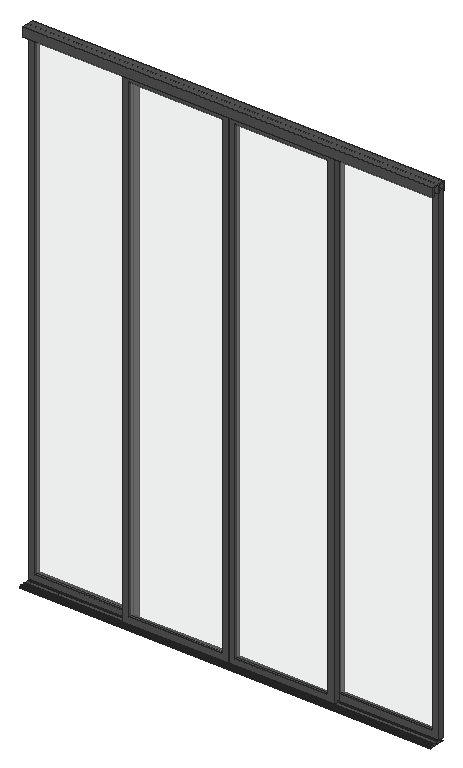
Revit family "Door_FTS RD_The Sliding Door Company_4-Panel Double Track (ABBA-Ramped)", category Doors, host Wall, Revit 2019 (continued)
Automatic sketch dimensions
  plane 9 "2" to Extrusion 34 sketch curve = 1 1/2"
  plane 8 to Extrusion 34 sketch curve = 1 1/2"
  Extrusion 35 sketch curve to plane 9 "2" = 0"
  Extrusion 35 sketch curve to plane 8 = 0"
  Extrusion 35 sketch curve to plane 6 = 0"
  plane 6 to Extrusion 35 sketch curve = 1 1/2"
  Extrusion 35 sketch curve to plane 22 = 3/4"
  plane 22 to Extrusion 35 sketch curve = 3/4"
  plane 9 "2" to Extrusion 35 sketch curve = 1 1/2"
  plane 8 to Extrusion 35 sketch curve = 1 1/2"
  Extrusion 36 sketch curve to plane 22 = 3/4"
  plane 6 to Extrusion 36 sketch curve = 1 1/2"
  plane 9 "2" to Extrusion 36 sketch curve = 1 1/2"
  plane 8 to Extrusion 36 sketch curve = 1 1/2"
  Extrusion 37 sketch curve to plane 9 "2" = 0"
  Extrusion 37 sketch curve to plane 8 = 0"
  Extrusion 37 sketch curve to plane 7 = 0"
  Extrusion 37 sketch curve to plane 7 = 1 1/2"
  plane 23 to Extrusion 37 sketch curve = 3/4"
  Extrusion 37 sketch curve to plane 23 = 3/4"
  plane 8 to Extrusion 37 sketch curve = 1 1/2"
  plane 9 "2" to Extrusion 37 sketch curve = 1 1/2"
  plane 23 to Extrusion 38 sketch curve = 3/4"
  Extrusion 38 sketch curve to plane 7 = 1 1/2"
  plane 8 to Extrusion 38 sketch curve = 1 1/2"
  plane 9 "2" to Extrusion 38 sketch curve = 1 1/2"
  Extrusion 39 sketch curve to plane 9 "2" = 0"
  Extrusion 39 sketch curve to plane 8 = 0"
  Extrusion 39 sketch curve to plane 7 = 0"
  Extrusion 39 sketch curve to plane 7 = 1 1/2"
  plane 23 to Extrusion 39 sketch curve = 3/4"
  Extrusion 39 sketch curve to plane 23 = 3/4"
  plane 8 to Extrusion 39 sketch curve = 3"
  plane 9 "2" to Extrusion 39 sketch curve = 3"
  plane 23 to Extrusion 40 sketch curve = 3/4"
  Extrusion 40 sketch curve to plane 7 = 1 1/2"
  plane 8 to Extrusion 40 sketch curve = 3"
  plane 9 "2" to Extrusion 40 sketch curve = 3"
  Extrusion 41 sketch curve to Extrusion 41 sketch curve = 0"  (x10)
  Extrusion 41 sketch curve to level = 0"  (x2)
  Extrusion 41 sketch curve to Extrusion 41 sketch curve = 0.01985"  (x3)
  Extrusion 41 sketch curve to Extrusion 41 sketch curve = 0.01286"
  Extrusion 41 sketch curve to Extrusion 41 sketch curve = 0.0312"
  Extrusion 41 sketch curve to Extrusion 41 sketch curve = 0.05716"  (x4)
  Extrusion 41 sketch curve to Extrusion 41 sketch curve = 0.05956"  (x4)
  Extrusion 41 sketch curve to Extrusion 41 sketch curve = 0.04963"  (x4)
  level to Extrusion 41 sketch curve = 0.05956"  (x2)
  Extrusion 41 sketch curve to Extrusion 41 sketch curve = 0.13202"
  Extrusion 41 sketch curve to Extrusion 41 sketch curve = 0.07246"  (x2)
  Extrusion 41 sketch curve to Extrusion 41 sketch curve = 0.03107"  (x6)
  level to Extrusion 41 sketch curve = 0.05951"  (x2)
  Extrusion 41 sketch curve to Extrusion 41 sketch curve = 0.7804"
  level to Extrusion 41 sketch curve = 0.28786"
  Extrusion 41 sketch curve to Extrusion 41 sketch curve = 0.37719"
  level to Extrusion 41 sketch curve = 0.14951"
  Extrusion 41 sketch curve to Extrusion 41 sketch curve = 0.01299"
  Extrusion 41 sketch curve to Extrusion 41 sketch curve = 0.03284"  (x2)
  Extrusion 41 sketch curve to Extrusion 41 sketch curve = 0.00005"  (x4)
  Extrusion 41 sketch curve to Extrusion 41 sketch curve = 0.03182"  (x2)
  Extrusion 41 sketch curve to Extrusion 41 sketch curve = 0.0501"  (x2)
  Extrusion 41 sketch curve to Extrusion 41 sketch curve = 0.03986"
  Extrusion 41 sketch curve to Extrusion 41 sketch curve = 0.05547"
  Extrusion 41 sketch curve to Extrusion 41 sketch curve = 0.09532"
  Extrusion 41 sketch curve to Extrusion 41 sketch curve = 0.06662"
  Extrusion 41 sketch curve to Extrusion 41 sketch curve = 0.18027"
  Extrusion 41 sketch curve to Extrusion 41 sketch curve = 0.08276"
  Extrusion 41 sketch curve to Extrusion 41 sketch curve = 0.00012"  (x2)
  Extrusion 41 sketch curve to Extrusion 41 sketch curve = 0.03266"  (x2)
  Extrusion 41 sketch curve to Extrusion 41 sketch curve = 0.09928"
  Extrusion 41 sketch curve to Extrusion 41 sketch curve = 0.03873"
  Extrusion 41 sketch curve to Extrusion 41 sketch curve = 0.03876"  (x2)
  Extrusion 41 sketch curve to Extrusion 41 sketch curve = 0.03877"
  Extrusion 41 sketch curve to Extrusion 41 sketch curve = 0.00007"
  Extrusion 41 sketch curve to Extrusion 41 sketch curve = 0.05866"
  Extrusion 41 sketch curve to Extrusion 41 sketch curve = 0.00004"
  Extrusion 42 sketch curve to level = 0"
  level to Extrusion 42 sketch curve = 0.05951"
  Extrusion 42 sketch curve to host wall = 2.5839"
  Extrusion 42 sketch curve to Extrusion 42 sketch curve = 0.03107"  (x2)
  Extrusion 42 sketch curve to Extrusion 42 sketch curve = 0.03284"  (x2)
  Extrusion 42 sketch curve to Extrusion 42 sketch curve = 0.0267"
  Extrusion 42 sketch curve to plane 8 = 0.25516"
  Extrusion 42 sketch curve to Extrusion 42 sketch curve = 0.01493"
  Extrusion 42 sketch curve to Extrusion 42 sketch curve = 0.03127"
  Extrusion 42 sketch curve to Extrusion 42 sketch curve = 0.06757"
  level to Extrusion 42 sketch curve = 0.29822"
  Extrusion 42 sketch curve to Extrusion 42 sketch curve = 0.00385"  (x3)
  Extrusion 42 sketch curve to Extrusion 42 sketch curve = 0.04892"
  level to Extrusion 42 sketch curve = 0.26165"
  Extrusion 42 sketch curve to Extrusion 42 sketch curve = 0.08869"
  level to Extrusion 42 sketch curve = 0.23031"
  level to Extrusion 42 sketch curve = 0.23632"
  level to Extrusion 42 sketch curve = 0.19332"
  Extrusion 42 sketch curve to Extrusion 42 sketch curve = 0.08957"
  level to Extrusion 42 sketch curve = 0.16199"
  level to Extrusion 42 sketch curve = 0.16799"
  level to Extrusion 42 sketch curve = 0.08474"
  Extrusion 42 sketch curve to Extrusion 42 sketch curve = 0.05788"
  Extrusion 42 sketch curve to Extrusion 42 sketch curve = 0.05"
  Extrusion 42 sketch curve to Extrusion 42 sketch curve = 0.00926"
  Extrusion 42 sketch curve to Extrusion 42 sketch curve = 0.03134"
  Extrusion 42 sketch curve to Extrusion 42 sketch curve = 0.03222"
  Extrusion 42 sketch curve to Extrusion 42 sketch curve = 0.05632"
  Extrusion 42 sketch curve to Extrusion 42 sketch curve = 0.03266"
  Extrusion 42 sketch curve to Extrusion 42 sketch curve = 0.03146"
  Extrusion 42 sketch curve to Extrusion 42 sketch curve = 0.03182"
  level to Extrusion 42 sketch curve = 0.05198"
  Extrusion 43 sketch curve to level = 0"
  level to Extrusion 43 sketch curve = 0.05951"
  Extrusion 43 sketch curve to host wall = 1.00888"
  Extrusion 43 sketch curve to Extrusion 43 sketch curve = 0.03107"  (x2)
  Extrusion 43 sketch curve to Extrusion 43 sketch curve = 0.03284"  (x2)
  Extrusion 43 sketch curve to Extrusion 43 sketch curve = 0.0267"
  Extrusion 43 sketch curve to plane 8 = 0.25516"
  Extrusion 43 sketch curve to Extrusion 43 sketch curve = 0.01493"
  Extrusion 43 sketch curve to Extrusion 43 sketch curve = 0.03127"
  Extrusion 43 sketch curve to Extrusion 43 sketch curve = 0.06757"
  level to Extrusion 43 sketch curve = 0.29822"
  Extrusion 43 sketch curve to Extrusion 43 sketch curve = 0.00385"  (x3)
  Extrusion 43 sketch curve to Extrusion 43 sketch curve = 0.04892"  (x3)
  Extrusion 43 sketch curve to Extrusion 43 sketch curve = 0.08869"
  level to Extrusion 43 sketch curve = 0.23031"
  Extrusion 43 sketch curve to Extrusion 43 sketch curve = 0.08957"
  level to Extrusion 43 sketch curve = 0.16199"
  level to Extrusion 43 sketch curve = 0.08474"
  Extrusion 43 sketch curve to Extrusion 43 sketch curve = 0.05788"
  Extrusion 43 sketch curve to Extrusion 43 sketch curve = 0.05"
  level to Extrusion 43 sketch curve = 0.05198"
  Extrusion 43 sketch curve to Extrusion 43 sketch curve = 0.03182"
  Extrusion 43 sketch curve to Extrusion 43 sketch curve = 0.03146"
  Extrusion 43 sketch curve to Extrusion 43 sketch curve = 0.00601"  (x3)
  Extrusion 43 sketch curve to Extrusion 43 sketch curve = 0.09824"
  Extrusion 43 sketch curve to Extrusion 43 sketch curve = 0.03266"
  Extrusion 43 sketch curve to Extrusion 43 sketch curve = 0.06331"
  Extrusion 43 sketch curve to Extrusion 43 sketch curve = 0.03109"
  Extrusion 41 sketch curve to Extrusion 41 sketch curve = 0.08823"
  Extrusion 41 sketch curve to Extrusion 41 sketch curve = 0.06838"
